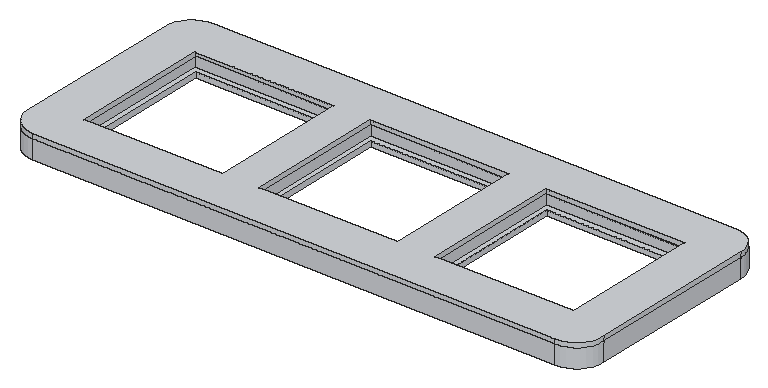
Revit family "Gira_0213426", category Electrical Fixtures, host Face, Revit 2017
Family settings
  Host = Face
  Maintain Annotation Orientation = No
  Round Connector Dimension = Use Diameter
  Part Type = Normal
  Cut with Voids When Loaded = No
  Shared = No
  Room Calculation Point = No
Parameters (values of type "Cov.fr. 3-g Gira E3 umber/anthra.")
  URL = "http://katalog.gira.de/en/datenblatt.html?artikelnr=0213426"
  Transparent = "No"
  Name = "Cov.fr. 3-g Gira E3 umber/anthra."
  Manufacturer URL = "https://www.gira.de/"
  Manufacturer = "Gira"
  Keynote = ""
  HeinzeBIM = "https://bimportal.heinze.de/bim/cov-fr-3-g-gira-e3-umber-anthra-/c8246e67e5d32afc3f5b97202b34262bb68b8af3"
  HAN = "0213426"
  GTIN = "4010337024477"
  Description = "Cov.fr.3g E3 UmAn,Gira E3 cover frame,umber soft touch with anthracite intermediate frame,3-gang,Features:,- Shatter-proof.,,Notes :,- Soft-touch surface,- NCS value: approx. NCS S 7010-Y10R"
  Default Elevation = 1219.2 mm
  Data sheet (1) = "https://katalog.gira.de/en/download.html?artikelnr=0213426"
  Category = "Cover frame for domestic switching devices"
  BIM (1) = "https://media.stage.bim.site/public/gira/36a6b08/E3_Rahmen_3fach.rfa"
  Available = "No"
Reference planes
  plane 1 "Center (Front/Back)": y = 0
  plane 2: z = 0
  plane 3 "Center (Left/Right)": x = 0
Forms (mm)
  Extrusion 1, solid, detail levels fine
    sketch origin (0, 0, 0) x (1, 0, 0) y (0, 1, 0)
      loop
        arc (-106.1, 45.809) -> (-113.884, 42.585) -> (-117.109, 34.8) r 11.009
        line (-117.109, 34.8) -> (-117.109, -34.8)
        arc (-117.109, -34.8) -> (-113.884, -42.585) -> (-106.1, -45.809) r 11.009
        line (-106.1, -45.809) -> (106.1, -45.809)
        arc (106.1, -45.809) -> (113.884, -42.585) -> (117.109, -34.8) r 11.009
        line (117.109, -34.8) -> (117.109, 34.8)
        arc (117.109, 34.8) -> (113.884, 42.585) -> (106.1, 45.809) r 11.009
        line (106.1, 45.809) -> (-106.1, 45.809)
      loop
        line (-43.2, 28.187) -> (-99.456, 28.187) -> (-99.456, -28.187) -> (-43.2, -28.187) -> (-43.2, 28.187)
      loop
        line (-28.3, 28.187) -> (-28.3, -28.187) -> (27.956, -28.187) -> (27.956, 28.187) -> (-28.3, 28.187)
      loop
        line (43.2, 28.187) -> (43.2, -28.187) -> (99.456, -28.187) -> (99.456, 28.187) -> (43.2, 28.187)
    from 7.65 to 9.5
  Extrusion 2, solid, detail levels fine
    sketch origin (-71.5, 0, 0) x (1, 0, 0) y (0, 1, 0)
      loop
        line (26.1, 25.7) -> (-25.7, 25.7) -> (-25.7, -25.7) -> (26.1, -25.7) -> (26.1, 25.7)
      loop
        line (-28.187, -28.156) -> (28.187, -28.156) -> (28.187, 28.156) -> (-28.187, 28.156) -> (-28.187, -28.156)
    from 1.65 to 3.9
  Extrusion 3, solid, detail levels fine
    sketch origin (0, 0, 0) x (1, 0, 0) y (0, 1, 0)
      loop
        arc (-106.1, 45.809) -> (-113.884, 42.585) -> (-117.109, 34.8) r 11.009
        line (-117.109, 34.8) -> (-117.109, -34.8)
        arc (-117.109, -34.8) -> (-113.884, -42.585) -> (-106.1, -45.809) r 11.009
        line (-106.1, -45.809) -> (106.1, -45.809)
        arc (106.1, -45.809) -> (113.884, -42.585) -> (117.109, -34.8) r 11.009
        line (117.109, -34.8) -> (117.109, 34.8)
        arc (117.109, 34.8) -> (113.884, 42.585) -> (106.1, 45.809) r 11.009
        line (106.1, 45.809) -> (-106.1, 45.809)
      loop
        line (-115.143, 34.785) -> (-115.143, -34.785)
        arc (-115.143, -34.785) -> (-112.49, -41.19) -> (-106.084, -43.843) r 9.058
        line (-106.084, -43.843) -> (106.084, -43.843)
        arc (106.084, -43.843) -> (112.49, -41.19) -> (115.143, -34.785) r 9.058
        line (115.143, -34.785) -> (115.143, 34.785)
        arc (115.143, 34.785) -> (112.49, 41.19) -> (106.084, 43.843) r 9.058
        line (106.084, 43.843) -> (-106.084, 43.843)
        arc (-106.084, 43.843) -> (-112.49, 41.19) -> (-115.143, 34.785) r 9.058
    from 0 to 7.65
  Extrusion 4, solid, detail levels fine
    sketch origin (-35.75, 0, 0) x (1, 0, 0) y (0, 1, 0)
      loop
        line (-62.956, -31.075) -> (62.956, -31.075)
        arc (62.956, -31.075) -> (65.599, -29.98) -> (66.694, -27.337) r 3.739
        line (66.694, -27.337) -> (66.694, 27.337)
        arc (66.694, 27.337) -> (65.599, 29.98) -> (62.956, 31.075) r 3.739
        line (62.956, 31.075) -> (-62.956, 31.075)
        arc (-62.956, 31.075) -> (-65.599, 29.98) -> (-66.694, 27.337) r 3.739
        line (-66.694, 27.337) -> (-66.694, -27.337)
        arc (-66.694, -27.337) -> (-65.599, -29.98) -> (-62.956, -31.075) r 3.739
      loop
        line (-65.544, 27.537) -> (-65.544, -27.537)
        arc (-65.544, -27.537) -> (-64.845, -29.226) -> (-63.156, -29.925) r 2.389
        line (-63.156, -29.925) -> (63.156, -29.925)
        arc (63.156, -29.925) -> (64.845, -29.226) -> (65.544, -27.537) r 2.389
        line (65.544, -27.537) -> (65.544, 27.537)
        arc (65.544, 27.537) -> (64.845, 29.226) -> (63.156, 29.925) r 2.389
        line (63.156, 29.925) -> (-63.156, 29.925)
        arc (-63.156, 29.925) -> (-64.845, 29.226) -> (-65.544, 27.537) r 2.389
    from 1.65 to 7.65
  Extrusion 5, solid, detail levels fine
    sketch origin (0, 0, 0) x (1, 0, 0) y (0, 1, 0)
      loop
        line (-103.367, -39.8) -> (103.368, -39.8)
        arc (103.368, -39.8) -> (108.982, -36.708) -> (111.215, -30.7) r 9.2
        line (111.215, -30.7) -> (111.215, 30.7)
        arc (111.215, 30.7) -> (108.52, 37.205) -> (102.015, 39.9) r 9.2
        line (102.015, 39.9) -> (-102.014, 39.9)
        arc (-102.014, 39.9) -> (-108.52, 37.205) -> (-111.214, 30.7) r 9.2
        line (-111.214, 30.7) -> (-111.214, -30.7)
        arc (-111.214, -30.7) -> (-108.982, -36.708) -> (-103.367, -39.8) r 9.2
      loop
        line (-102.014, -31.7) -> (102.015, -31.7)
        arc (102.015, -31.7) -> (102.722, -31.407) -> (103.015, -30.7) r 1
        line (103.015, -30.7) -> (103.015, 30.7)
        arc (103.015, 30.7) -> (102.722, 31.407) -> (102.015, 31.7) r 1
        line (102.015, 31.7) -> (-102.014, 31.7)
        arc (-102.014, 31.7) -> (-102.721, 31.407) -> (-103.014, 30.7) r 1
        line (-103.014, 30.7) -> (-103.014, -30.7)
        arc (-103.014, -30.7) -> (-102.721, -31.407) -> (-102.014, -31.7) r 1
    from 1.65 to 3.9
  Extrusion 6, solid, detail levels fine
    sketch origin (-71.5, 0, 0) x (1, 0, 0) y (0, 1, 0)
      loop
        line (-28.187, 28.156) -> (-28.187, -28.156) -> (28.187, -28.156) -> (28.187, 28.156) -> (-28.187, 28.156)
      loop
        line (-29.925, 29.925) -> (-29.925, -29.925) -> (29.925, -29.925) -> (29.925, 29.925) -> (-29.925, 29.925)
    from 1.65 to 7.65
  Extrusion 7, solid, detail levels coarse+medium
    sketch origin (0, 0, 0) x (1, 0, 0) y (0, 1, 0)
      loop
        line (-117.109, 45.809) -> (-117.109, -45.809) -> (117.109, -45.809) -> (117.109, 45.809) -> (-117.109, 45.809)
    from 0 to 9.5
  Extrusion 8, solid, detail levels fine
    sketch origin (0, 0, 0) x (-1, 0, 0) y (0, -1, 0)
      loop
        line (25.9, -25.7) -> (25.9, 25.7) -> (-25.9, 25.7) -> (-25.9, -25.7) -> (25.9, -25.7)
      loop
        line (-28.187, 28.156) -> (-28.187, -28.156) -> (28.187, -28.156) -> (28.187, 28.156) -> (-28.187, 28.156)
    from 1.65 to 3.9
  Extrusion 9, solid, detail levels fine
    sketch origin (0, 0, 0) x (-1, 0, 0) y (0, -1, 0)
      loop
        line (-28.187, -28.156) -> (28.187, -28.156) -> (28.187, 28.156) -> (-28.187, 28.156) -> (-28.187, -28.156)
      loop
        line (-29.925, -29.925) -> (29.925, -29.925) -> (29.925, 29.925) -> (-29.925, 29.925) -> (-29.925, -29.925)
    from 1.65 to 7.65
  Extrusion 10, solid, detail levels fine
    sketch origin (71.5, 0, 0) x (-1, 0, 0) y (0, -1, 0)
      loop
        line (26.1, -25.7) -> (26.1, 25.7) -> (-25.7, 25.7) -> (-25.7, -25.7) -> (26.1, -25.7)
      loop
        line (-28.187, 28.156) -> (-28.187, -28.156) -> (28.187, -28.156) -> (28.187, 28.156) -> (-28.187, 28.156)
    from 1.65 to 3.9
  Extrusion 11, solid, detail levels fine
    sketch origin (71.5, 0, 0) x (-1, 0, 0) y (0, -1, 0)
      loop
        line (-28.187, -28.156) -> (28.187, -28.156) -> (28.187, 28.156) -> (-28.187, 28.156) -> (-28.187, -28.156)
      loop
        line (-29.925, -29.925) -> (29.925, -29.925) -> (29.925, 29.925) -> (-29.925, 29.925) -> (-29.925, -29.925)
    from 1.65 to 7.65
Dimensions and locks
  aligned and locked: plane 2 to host face
  aligned and locked: level to host face
